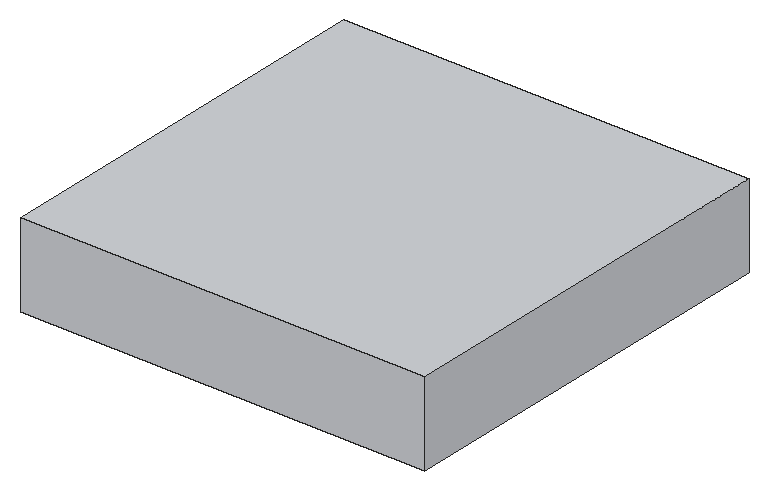
Revit family "20c158486db947af88ca78f3cd7b4463", category Electrical Fixtures, host Face, Revit 2021
Family settings
  Host = Face
  Maintain Annotation Orientation = Yes
  Round Connector Dimension = Use Diameter
  Part Type = Normal
  OmniClass Number = 23.75.35.17.24
  OmniClass Title = Axial Fans
  Seek Item ID = Fan-0000-USA-ENU
  Cut with Voids When Loaded = No
  Shared = No
  Room Calculation Point = No
Parameters (values of type "Standard")
  Width = 0' - 4 205/256"
  Rating Voltage = 115 V
  Number of Poles = 1
  Load Classification = Appliance - Dwelling Unit
  Length = 0' - 4 205/256"
  Height = 0' - 1"
  Fan Material = none
  Default Elevation = 4' - 0"
  Apparent Load = 19 VA
  Air Flow = 64 CFM
Reference planes (in)
  plane 1 "Center (Front/Back)": y = 0
  plane 2: z = 0
  plane 3 "Center (Left/Right)": x = 0
  plane 4: y = -4.80078
  plane 5: x = -2.40039
  plane 6: x = 2.40039
  plane 7: z = -1
Forms (in)
  Extrusion 1, solid, material <- "Fan Material"
    sketch origin (0, 0, 0) x (1, 0, 0) y (0, 1, 0)
      loop
        line (-2.40039, 0) -> (-2.40039, -4.80078) -> (2.40039, -4.80078) -> (2.40039, 0) -> (-2.40039, 0)
    from -1 to 0
Lines and regions (in)
  symbolic lines, detail levels fine
    curve 1: line (2.40039, 0, 0) -> (-2.40039, 0, 0)
    curve 2: line (-2.40039, 0, 0) -> (-2.40039, 0, -1)
    curve 3: line (-2.40039, 0, -1) -> (2.40039, 0, -1)
    curve 4: line (2.40039, 0, -1) -> (2.40039, 0, 0)
Dimensions and locks (in)
  equal spacing: plane 5, plane 3 "Center (Left/Right)", plane 6
  "Length": plane 5 to plane 6
  "Width": plane 4 to plane 1 "Center (Front/Back)"
  "Height": plane 2 to plane 7
  aligned and locked: plane 2 to host face
  aligned and locked: level to host face
  aligned and locked: plane 5 to Extrusion 1 sketch curve
  aligned and locked: plane 1 "Center (Front/Back)" to Extrusion 1 sketch curve
  aligned and locked: plane 4 to Extrusion 1 sketch curve
  aligned and locked: Extrusion 1 sketch curve to plane 6
  aligned and locked: Extrusion 1 to plane 7
  aligned and locked: plane 2 to Extrusion 1
  aligned and locked: curve 1 to Extrusion 1
  aligned and locked: curve 2 to Extrusion 1
  aligned and locked: curve 3 to Extrusion 1
  aligned and locked: curve 4 to Extrusion 1
  aligned and locked: plane 1 "Center (Front/Back)" to nested 1
  aligned and locked: plane 3 "Center (Left/Right)" to nested 1
Automatic sketch dimensions
  host sketch curve to host sketch curve = 8' - 0"  (x2)
Nested families (in)
  nested 1: "Fan Annotation" at (0, 0, 0), type "Fan Annotation", detail levels coarse+medium
Connectors (in)
  electrical at (0, 0, -0.5), driven by "Rating Voltage", driven by "Apparent Load", driven by "Number of Poles", driven by "Apparent Load", driven by "Load Classification"
    settings: on Extrusion 1, index 1, voltage 115 V, apparent load 19 VA, apparent load phase1 19 VA, apparent load phase2 0 VA, apparent load phase3 0 VA, power factor 1, load classification "Appliance - Dwelling Unit", number of poles 1, system type 30, power factor state 1, is connector primary yes, connector utility no, sub classification motor no, connector description ""
Definition of nested family "Fan Annotation"
  Reference planes (in)
    plane 1: y = 0
    plane 2: x = 0
  Lines and regions (in)
    reference lines
      curve 1: line (-0.58831, 0.28125, 0) -> (1.41169, 0.28125, 0)
      curve 2: line (-0.14062, 0.67138, 0) -> (-0.14063, -0.6546, 0)
      curve 3: line (0.14063, 0.76757, 0) -> (0.14062, -0.55841, 0)
      curve 4: line (0, 0.14063, 0) -> (0.14062, 0.28125, 0)
    detail lines
      curve 5: spline (0.13316, 0.27379, 0) -> (0.12289, 0.27978, 0) -> (0.10903, 0.28108, 0) -> (0.09253, 0.2776, 0) -> (0.07452, 0.26958, 0) -> (0.05623, 0.25756, 0) -> (0.03889, 0.24236, 0) -> (0.02369, 0.22502, 0) -> (0.01167, 0.20673, 0) -> (0.00365, 0.18872, 0) -> (0.00017, 0.17222, 0) -> (0.00147, 0.15836, 0) -> (0.00746, 0.14809, 0) -> (0.01774, 0.1421, 0) -> (0.0316, 0.1408, 0) -> (0.04809, 0.14428, 0) -> (0.0661, 0.1523, 0) -> (0.0844, 0.16432, 0) -> (0.10174, 0.17951, 0) -> (0.11693, 0.19685, 0) -> (0.12895, 0.21515, 0) -> (0.13697, 0.23316, 0) -> (0.14045, 0.24965, 0) -> (0.13915, 0.26351, 0) -> (0.13316, 0.27379, 0)
      curve 6: spline (-0.13316, 0.27379, 0) -> (-0.12289, 0.27978, 0) -> (-0.10903, 0.28108, 0) -> (-0.09253, 0.2776, 0) -> (-0.07452, 0.26958, 0) -> (-0.05623, 0.25756, 0) -> (-0.03889, 0.24236, 0) -> (-0.02369, 0.22502, 0) -> (-0.01167, 0.20673, 0) -> (-0.00365, 0.18872, 0) -> (-0.00017, 0.17222, 0) -> (-0.00147, 0.15836, 0) -> (-0.00746, 0.14809, 0) -> (-0.01774, 0.1421, 0) -> (-0.0316, 0.1408, 0) -> (-0.04809, 0.14428, 0) -> (-0.0661, 0.1523, 0) -> (-0.0844, 0.16432, 0) -> (-0.10174, 0.17951, 0) -> (-0.11693, 0.19685, 0) -> (-0.12895, 0.21515, 0) -> (-0.13697, 0.23316, 0) -> (-0.14045, 0.24965, 0) -> (-0.13915, 0.26351, 0) -> (-0.13316, 0.27379, 0)
      curve 7: spline (0.13316, 0.00746, 0) -> (0.12289, 0.00147, 0) -> (0.10903, 0.00017, 0) -> (0.09253, 0.00365, 0) -> (0.07452, 0.01167, 0) -> (0.05623, 0.02369, 0) -> (0.03889, 0.03889, 0) -> (0.02369, 0.05623, 0) -> (0.01167, 0.07452, 0) -> (0.00365, 0.09253, 0) -> (0.00017, 0.10903, 0) -> (0.00147, 0.12289, 0) -> (0.00746, 0.13316, 0) -> (0.01774, 0.13915, 0) -> (0.0316, 0.14045, 0) -> (0.04809, 0.13697, 0) -> (0.0661, 0.12895, 0) -> (0.0844, 0.11693, 0) -> (0.10174, 0.10174, 0) -> (0.11693, 0.0844, 0) -> (0.12895, 0.0661, 0) -> (0.13697, 0.04809, 0) -> (0.14045, 0.0316, 0) -> (0.13915, 0.01774, 0) -> (0.13316, 0.00746, 0)
      curve 8: spline (-0.13316, 0.00746, 0) -> (-0.12289, 0.00147, 0) -> (-0.10903, 0.00017, 0) -> (-0.09253, 0.00365, 0) -> (-0.07452, 0.01167, 0) -> (-0.05623, 0.02369, 0) -> (-0.03889, 0.03889, 0) -> (-0.02369, 0.05623, 0) -> (-0.01167, 0.07452, 0) -> (-0.00365, 0.09253, 0) -> (-0.00017, 0.10903, 0) -> (-0.00147, 0.12289, 0) -> (-0.00746, 0.13316, 0) -> (-0.01774, 0.13915, 0) -> (-0.0316, 0.14045, 0) -> (-0.04809, 0.13697, 0) -> (-0.0661, 0.12895, 0) -> (-0.0844, 0.11693, 0) -> (-0.10174, 0.10174, 0) -> (-0.11693, 0.0844, 0) -> (-0.12895, 0.0661, 0) -> (-0.13697, 0.04809, 0) -> (-0.14045, 0.0316, 0) -> (-0.13915, 0.01774, 0) -> (-0.13316, 0.00746, 0)
  Dimensions and locks (in)
    locked: plane 1 to curve 1 at 0.28125
    locked: plane 2 to curve 3 at 0.14063
    locked: curve 2 to plane 2 at 0.14063
